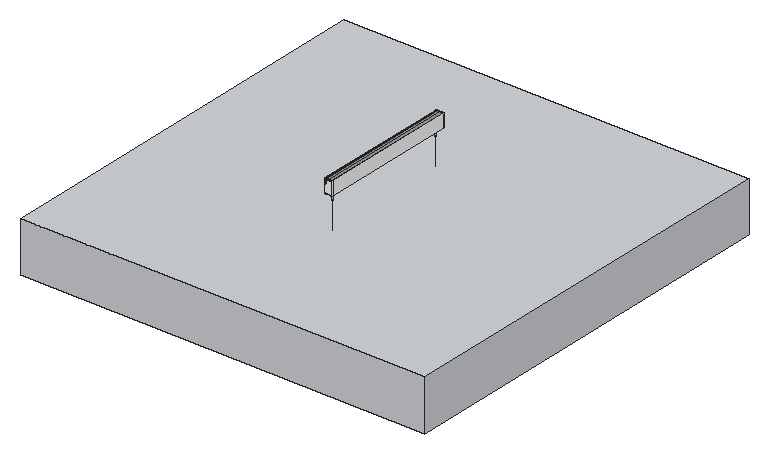
Revit family "LAMP_FIL 45 840MM D-I OPAL COMFORT", category Luminarias, Revit 2018
Family settings
  Anfitrión = Cara
  Cota de conector redondo = Diámetro de uso
  Tipo de pieza = Normal
  Corte con vacíos al cargar = No
  Origen de luz = Sí
  Compartido = No
  Punto de cálculo de habitación = No
Parameters (values of type "2550LM 3000K  BLACK")
  Ángulo de inclinación = -90.00°
  Weight = 2.00 kg
  Wattage = 15.47 W
  UGR = "00"
  Type = "MID POWER TRIDONIC"
  built-in parameter 1150107 = 3000 (stored number, unit not read)
  Suspension distance [instance] = if(Suspension > 4000 mm, 4000 mm, if(Suspension < 1 mm, 1 mm, Suspension))  # 200 mm
  Suspension [instance] = 200 mm
  built-in parameter 1150110 = 1 (stored number, unit not read)
  built-in parameter 1150109 = 1 (stored number, unit not read)
  built-in parameter 1150112 = 1 (stored number, unit not read)
  built-in parameter 1150113 = 1 (stored number, unit not read)
  built-in parameter 1114218 = 1 (stored number, unit not read)
  Protection rating = "IP20 / IK07"
  Product datasheet = "http://www.lamp.es/product-files/TECH/F41SF084MOIP830NB-EN.pdf"
  Product code = "F41SF084MOIP830NB"
  Product URL = "https://www.lamp.es/en/family/fil-45_413951"
  Power Supply = "220-240V 50/60Hz"
  Power = 18 W
  Plum = 22.1 W
  Photobiological risk = ""
  NOT COVER 2 [instance] = not(END COVER 2)  # no
  NOT COVER 1 [instance] = not(END COVER 1)  # no
  built-in parameter 1150137 = (empty or 0)
  built-in parameter 1150132 = 2
  Modelo = Product code  # "F41SF084MOIP830NB"
  Model Explanation = ""
  Material suspension = LAMP_Acero genérico
  Material perfil = LAMP_Aluminio Perfil Fil NG
  Material difusor = LAMP_PC Difusor Opal Fil
  Manufacturer name = "LAMP"
  Manufacturer country = "Spain"
  Manufacturer URL = "http://www.lamp.es/en"
  MacAdam = "3"
  Longitud de línea de emisión = 840 mm
  Last update = "21/04/2021"
  Lamp = "MID-POWER LED"
  LED Lifetime = "70.000 L80 B10"
  built-in parameter 1150105 = 105.5 (stored number, unit not read)
  built-in parameter 1150102 = (empty or 0)
  Insulation class = "I"
  Installation instructions = "https://www.lamp.es/product-files/INS/1004580-C%20INSTR.%20FIL45.pdf"
  Indirect light = LAMP_FIL 45 840MM D-I OPAL COMFORT_I : 3000K
  built-in parameter 1150106 = 1.055 (stored number, unit not read)
  IEE = "A+"
  Gear = "Electronic"
  Lumens = 1325.78 lm
  Finish = "Matte black RAL 9011"
  Color Filter = 16777215
  built-in parameter 1114217 = 1 (stored number, unit not read)
  built-in parameter 1150139 = (empty or 0)
  Fabricante = Manufacturer name  # "LAMP"
  Default Elevation = 1219.2 mm
  built-in parameter 1150104 = 7.9618 (stored number, unit not read)
  Efficacy = 85.72 lm/W
  END COVER 2 [instance] = yes
  END COVER 1 [instance] = yes
  Dimensions = "840x45x80"
  Descripción = "FIL45 SUR 840 2550 WW D/I OP COMF BK."
  built-in parameter 1150115 = 1 (stored number, unit not read)
  built-in parameter 1150114 = 1 (stored number, unit not read)
  built-in parameter 1150138 = (empty or 0)
  built-in parameter 1150134 = 3
  Dimming Lamp Color Temperature Shift = (empty or 0)
  CRI = "80"
  Archivo de red fotométrica = "F41SF084MOIP830NW_D.IES"
  built-in parameter 1150133 = 10 (stored number, unit not read)
Types (12, lengths in mm): name | Weight | built-in parameter 1150107 | Product datasheet | Product code | Modelo | Material perfil | Indirect light | Finish | Efficacy | Descripción | Archivo de red fotométrica
  2550LM 3000K DALI BLACK | 2.132 kg | 3000 (stored number, unit not read) | "http://www.lamp.es/product-files/TECH/F41SF084MOIP830DB-EN.pdf" | "F41SF084MOIP830DB" | "F41SF084MOIP830DB" | LAMP_Aluminio Perfil Fil NG | LAMP_FIL 45 840MM D-I OPAL COMFORT_I : 3000K | "Matte black RAL 9011" | 85.72 lm/W | "FIL45 SUR 840 2550 WW D/I OP COMF DA BK." | "F41SF084MOIP830NW_D.IES"
  2550LM 3000K DALI GREY | 2.132 kg | 3000 (stored number, unit not read) | "http://www.lamp.es/product-files/TECH/F41SF084MOIP830DG-EN.pdf" | "F41SF084MOIP830DG" | "F41SF084MOIP830DG" | LAMP_Aluminio Perfil Fil GR | LAMP_FIL 45 840MM D-I OPAL COMFORT_I : 3000K | "Gloss grey" | 85.72 lm/W | "FIL45 SUR 840 2550 WW D/I OP COMF DA GR." | "F41SF084MOIP830NW_D.IES"
  2550LM 3000K DALI WHITE | 2.132 kg | 3000 (stored number, unit not read) | "http://www.lamp.es/product-files/TECH/F41SF084MOIP830DW-EN.pdf" | "F41SF084MOIP830DW" | "F41SF084MOIP830DW" | LAMP_Aluminio Perfil Fil BL | LAMP_FIL 45 840MM D-I OPAL COMFORT_I : 3000K | "Matte white RAL 9010" | 85.72 lm/W | "FIL45 SUR 840 2550 WW D/I OP COMF DA WH." | "F41SF084MOIP830NW_D.IES"
  2550LM 3000K  BLACK | 2.00 kg | 3000 (stored number, unit not read) | "http://www.lamp.es/product-files/TECH/F41SF084MOIP830NB-EN.pdf" | "F41SF084MOIP830NB" | "F41SF084MOIP830NB" | LAMP_Aluminio Perfil Fil NG | LAMP_FIL 45 840MM D-I OPAL COMFORT_I : 3000K | "Matte black RAL 9011" | 85.72 lm/W | "FIL45 SUR 840 2550 WW D/I OP COMF BK." | "F41SF084MOIP830NW_D.IES"
  2550LM 3000K  GREY | 2.00 kg | 3000 (stored number, unit not read) | "http://www.lamp.es/product-files/TECH/F41SF084MOIP830NG-EN.pdf" | "F41SF084MOIP830NG" | "F41SF084MOIP830NG" | LAMP_Aluminio Perfil Fil GR | LAMP_FIL 45 840MM D-I OPAL COMFORT_I : 3000K | "Gloss grey" | 85.72 lm/W | "FIL45 SUR 840 2550 WW D/I OP COMF GR." | "F41SF084MOIP830NW_D.IES"
  2550LM 3000K  WHITE | 2.00 kg | 3000 (stored number, unit not read) | "http://www.lamp.es/product-files/TECH/F41SF084MOIP830NW-EN.pdf" | "F41SF084MOIP830NW" | "F41SF084MOIP830NW" | LAMP_Aluminio Perfil Fil BL | LAMP_FIL 45 840MM D-I OPAL COMFORT_I : 3000K | "Matte white RAL 9010" | 85.72 lm/W | "FIL45 SUR 840 2550 WW D/I OP COMF WH." | "F41SF084MOIP830NW_D.IES"
  2550LM 4000K DALI BLACK | 2.132 kg | 4000 (stored number, unit not read) | "http://www.lamp.es/product-files/TECH/F41SF084MOIP840DB-EN.pdf" | "F41SF084MOIP840DB" | "F41SF084MOIP840DB" | LAMP_Aluminio Perfil Fil NG | LAMP_FIL 45 840MM D-I OPAL COMFORT_I : 4000K | "Matte black RAL 9011" | 97.3 lm/W | "FIL45 SUR 840 2550 NW D/I OP COMF DA BK." | "F41SF084MOIP840NW_D.IES"
  2550LM 4000K DALI GREY | 2.132 kg | 4000 (stored number, unit not read) | "http://www.lamp.es/product-files/TECH/F41SF084MOIP840DG-EN.pdf" | "F41SF084MOIP840DG" | "F41SF084MOIP840DG" | LAMP_Aluminio Perfil Fil GR | LAMP_FIL 45 840MM D-I OPAL COMFORT_I : 4000K | "Gloss grey" | 97.3 lm/W | "FIL45 SUR 840 2550 NW D/I OP COMF DA GR." | "F41SF084MOIP840NW_D.IES"
  2550LM 4000K DALI WHITE | 2.132 kg | 4000 (stored number, unit not read) | "http://www.lamp.es/product-files/TECH/F41SF084MOIP840DW-EN.pdf" | "F41SF084MOIP840DW" | "F41SF084MOIP840DW" | LAMP_Aluminio Perfil Fil BL | LAMP_FIL 45 840MM D-I OPAL COMFORT_I : 4000K | "Matte white RAL 9010" | 97.3 lm/W | "FIL45 SUR 840 2550 NW D/I OP COMF DA WH." | "F41SF084MOIP840NW_D.IES"
  2550LM 4000K  BLACK | 2.00 kg | 4000 (stored number, unit not read) | "http://www.lamp.es/product-files/TECH/F41SF084MOIP840NB-EN.pdf" | "F41SF084MOIP840NB" | "F41SF084MOIP840NB" | LAMP_Aluminio Perfil Fil NG | LAMP_FIL 45 840MM D-I OPAL COMFORT_I : 4000K | "Matte black RAL 9011" | 97.3 lm/W | "FIL45 SUR 840 2550 NW D/I OP COMF BK." | "F41SF084MOIP830NW_D.IES"
  2550LM 4000K  GREY | 2.00 kg | 4000 (stored number, unit not read) | "http://www.lamp.es/product-files/TECH/F41SF084MOIP840NG-EN.pdf" | "F41SF084MOIP840NG" | "F41SF084MOIP840NG" | LAMP_Aluminio Perfil Fil GR | LAMP_FIL 45 840MM D-I OPAL COMFORT_I : 4000K | "Gloss grey" | 97.3 lm/W | "FIL45 SUR 840 2550 NW D/I OP COMF GR." | "F41SF084MOIP840NW_D.IES"
  2550LM 4000K  WHITE | 2.00 kg | 4000 (stored number, unit not read) | "http://www.lamp.es/product-files/TECH/F41SF084MOIP840NW-EN.pdf" | "F41SF084MOIP840NW" | "F41SF084MOIP840NW" | LAMP_Aluminio Perfil Fil BL | LAMP_FIL 45 840MM D-I OPAL COMFORT_I : 4000K | "Matte white RAL 9010" | 97.3 lm/W | "FIL45 SUR 840 2550 NW D/I OP COMF WH." | "F41SF084MOIP840NW_D.IES"
Reference planes
  plane 1 "Centro (Frontal/Posterior)": y = 0
  plane 2: z = 0
  plane 3 "Centro (Izquierda/Derecha)": x = 0
Forms (mm)
  Extrusion 1, solid
    sketch origin (0, 0, 0) x (1, 0, 0) y (0, 1, 0)
      loop
        line (-1219.2, 1219.2) -> (-1219.2, -1219.2) -> (1219.2, -1219.2) -> (1219.2, 1219.2) -> (-1219.2, 1219.2)
    from 0 to -304.8
  Extrusion 2, solid, material "LAMP_Aluminio Perfil Fil NG" <- "Material perfil"
    sketch origin (0, 0, 0) x (1, 0, 0) y (0, 0, 1)
      loop
        arc (22.5, 285.7) -> (21.5, 286.7) -> (20.5, 285.7) r 1
        line (20.5, 285.7) -> (20.5, 284.2) -> (17.8, 284.2) -> (17.8, 259) -> (0, 259) -> (-17.8, 259) -> (-17.8, 284.2) -> (-20.5, 284.2) -> (-20.5, 285.7)
        arc (-20.5, 285.7) -> (-21.5, 286.7) -> (-22.5, 285.7) r 1
        line (-22.5, 285.7) -> (-22.5, 206.5) -> (-20.7, 206.5) -> (-20.7, 210) -> (-12.5, 210) -> (-12.5, 208) -> (-14.8, 208) -> (-14.5, 206.5) -> (-11, 206.5) -> (-11, 214.5) -> (0, 214.5) -> (11, 214.5) -> (11, 206.5) -> (14.5, 206.5) -> (14.8, 208) -> (12.5, 208) -> (12.5, 210) -> (20.7, 210) -> (20.7, 206.5) -> (22.5, 206.5) -> (22.5, 285.7)
    from -420 to 420
  Extrusion 3, solid, material "LAMP_Acero genérico" <- "Material suspension"
    sketch origin (0, 0, 0) x (1, 0, 0) y (0, 0, 1)
      loop
        line (-12.5, 201) -> (-15.291, 208.272) -> (-12.823, 210) -> (-13.823, 210) -> (-16.291, 208.272) -> (-13.116, 200) -> (0, 200) -> (13.116, 200) -> (16.291, 208.272) -> (13.823, 210) -> (12.823, 210) -> (15.291, 208.272) -> (12.5, 201) -> (0, 201) -> (-12.5, 201)
    from -400 to -378
  Extrusion 4, solid, material "LAMP_Acero genérico" <- "Material suspension"
    sketch origin (0, -24, 0) x (1, 0, 0) y (0, 1, 0)
      loop
        circle (0, -365) r 5
    from 163.2 to 200
  Extrusion 5, solid, material "LAMP_Acero genérico" <- "Material suspension"
    sketch origin (0, 24, 0) x (1, 0, 0) y (0, 1, 0)
      loop
        circle (0, 365) r 5
    from 163.2 to 200
  Extrusion 6, solid, material "LAMP_Acero genérico" <- "Material suspension"
    sketch origin (0, 0, 0) x (1, 0, 0) y (0, 1, 0)
      loop
        circle (0, -389) r 1
    from 0 to 163.2
  Extrusion 7, solid, material "LAMP_Acero genérico" <- "Material suspension"
    sketch origin (0, 0, 0) x (1, 0, 0) y (0, 1, 0)
      loop
        circle (0, 389) r 1
    from 0 to 163.2
  Extrusion 8, solid, material "LAMP_PC Difusor Opal Fil" <- "Material difusor"
    sketch origin (0, 0, 0) x (1, 0, 0) y (0, 0, 1)
      loop
        line (-20.5, 284.2) -> (0, 284.2) -> (20.5, 284.2) -> (20.5, 286.7) -> (0, 286.7) -> (-20.5, 286.7) -> (-20.5, 284.2)
    from 420 to -420
  Extrusion 9, solid, material "LAMP_Acero genérico" <- "Material suspension"
    sketch origin (0, 0, 0) x (1, 0, 0) y (0, 0, -1)
      loop
        line (-12.5, -201) -> (0, -201) -> (12.5, -201) -> (15.291, -208.272) -> (12.823, -210) -> (13.823, -210) -> (16.291, -208.272) -> (13.116, -200) -> (0, -200) -> (-13.116, -200) -> (-16.291, -208.272) -> (-13.823, -210) -> (-12.823, -210) -> (-15.291, -208.272) -> (-12.5, -201)
    from -400 to -378
  Extrusion 10, solid, material "LAMP_PC Difusor Opal Fil" <- "Material difusor"
    sketch origin (0, 0, 0) x (1, 0, 0) y (0, 0, 1)
      loop
        line (-11, 214.5) -> (-11, 206.5) -> (-7.529, 206.5) -> (11, 206.5) -> (11, 214.5) -> (10, 214.5) -> (10, 207.5) -> (-10, 207.5) -> (-10, 214.5) -> (-11, 214.5)
    from 420 to -420
Lines and regions (mm)
  reference lines
    curve 1: line (0, -445.47, 200) -> (0, 544.53, 200)
Text (mm)
  text "Any modification of the parameters and properties of the LAMP BIM models must be executed and validated by the LAMP technical department.\nPhone: +34 93 736 68 00\nE-mail: lamp@lamp.es\n\nLAMP reserves the right to modify the technical specifications of its products." at (3279.264, 5298.162, -2684.539), in view "Preview"
Dimensions and locks
  "Suspension distance": level to curve 1
  locked: Extrusion 4 to Extrusion 4 at 36.8
  locked: Extrusion 5 to Extrusion 5 at 36.8
  aligned and locked: plane 2 to Extrusion 1
  aligned and locked: level to Extrusion 1
  aligned and locked: Extrusion 8 to Extrusion 2  (x2)
  aligned and locked: curve 1 to Extrusion 9
  aligned and locked: curve 1 to Extrusion 3
  aligned and locked: Extrusion 4 to curve 1
  aligned and locked: Extrusion 5 to curve 1
  aligned and locked: Extrusion 6 to Extrusion 4
  aligned and locked: Extrusion 7 to Extrusion 5
  aligned and locked: Extrusion 2 to Extrusion 9  (x2)
  aligned and locked: imposter light to Extrusion 8
  aligned and locked: Extrusion 10 to Extrusion 2
  aligned and locked: nested 1 to Extrusion 2  (x2)
  aligned and locked: nested 2 to Extrusion 2
Automatic sketch dimensions
  Extrusion 1 sketch curve to Extrusion 1 sketch curve = 2438.4 mm  (x2)
  Extrusion 3 sketch curve to plane 3 "Centro (Izquierda/Derecha)" = 0 mm  (x2)
  Extrusion 3 sketch curve to Extrusion 3 sketch curve = 12.5 mm
  Extrusion 3 sketch curve to Extrusion 3 sketch curve = 0.323 mm  (x2)
  Extrusion 3 sketch curve to Extrusion 3 sketch curve = 0.616 mm  (x2)
  Extrusion 3 sketch curve to Extrusion 3 sketch curve = 1 mm  (x5)
  Extrusion 3 sketch curve to Extrusion 3 sketch curve = 1.468 mm  (x2)
  plane 3 "Centro (Izquierda/Derecha)" to Extrusion 3 sketch curve = 12.5 mm
  level to Extrusion 3 sketch curve = 200 mm
  Extrusion 3 sketch curve to Extrusion 3 sketch curve = 7.272 mm  (x2)
  Extrusion 3 sketch curve to Extrusion 3 sketch curve = 0 mm  (x2)
  Extrusion 3 sketch curve to Extrusion 3 sketch curve = 1.728 mm  (x2)
  Extrusion 4 sketch curve to plane 3 "Centro (Izquierda/Derecha)" = 0 mm
  plane 1 "Centro (Frontal/Posterior)" to Extrusion 4 sketch curve = 389 mm
  Extrusion 5 sketch curve to plane 3 "Centro (Izquierda/Derecha)" = 0 mm
  plane 1 "Centro (Frontal/Posterior)" to Extrusion 5 sketch curve = 389 mm
  Extrusion 6 sketch curve to plane 3 "Centro (Izquierda/Derecha)" = 0 mm
  plane 1 "Centro (Frontal/Posterior)" to Extrusion 6 sketch curve = 389 mm
  Extrusion 7 sketch curve to plane 3 "Centro (Izquierda/Derecha)" = 0 mm
  plane 1 "Centro (Frontal/Posterior)" to Extrusion 7 sketch curve = 389 mm
  Extrusion 2 sketch curve to plane 3 "Centro (Izquierda/Derecha)" = 0 mm  (x2)
  Extrusion 2 sketch curve to plane 3 "Centro (Izquierda/Derecha)" = 11 mm
  Extrusion 2 sketch curve to Extrusion 2 sketch curve = 1.5 mm  (x6)
  Extrusion 2 sketch curve to Extrusion 2 sketch curve = 2 mm  (x2)
  Extrusion 2 sketch curve to Extrusion 2 sketch curve = 0.3 mm  (x2)
  Extrusion 2 sketch curve to Extrusion 2 sketch curve = 17.8 mm
  Extrusion 2 sketch curve to Extrusion 2 sketch curve = 2.7 mm  (x2)
  Extrusion 2 sketch curve to Extrusion 2 sketch curve = 5.9 mm  (x2)
  Extrusion 2 sketch curve to Extrusion 2 sketch curve = 1 mm  (x2)
  plane 3 "Centro (Izquierda/Derecha)" to Extrusion 2 sketch curve = 11 mm
  plane 3 "Centro (Izquierda/Derecha)" to Extrusion 2 sketch curve = 17.8 mm
  level to Extrusion 2 sketch curve = 206.5 mm
  Extrusion 2 sketch curve to Extrusion 2 sketch curve = 0 mm  (x3)
  Extrusion 2 sketch curve to Extrusion 2 sketch curve = 3.5 mm  (x2)
  Extrusion 2 sketch curve to Extrusion 2 sketch curve = 4.5 mm
  Extrusion 2 sketch curve to Extrusion 2 sketch curve = 44.5 mm
  Extrusion 2 sketch curve to Extrusion 2 sketch curve = 25.2 mm  (x2)
  Extrusion 8 sketch curve to plane 3 "Centro (Izquierda/Derecha)" = 0 mm  (x2)
  Extrusion 8 sketch curve to Extrusion 8 sketch curve = 20.5 mm
  plane 3 "Centro (Izquierda/Derecha)" to Extrusion 8 sketch curve = 20.5 mm
  level to Extrusion 8 sketch curve = 284.2 mm
  Extrusion 8 sketch curve to Extrusion 8 sketch curve = 2.5 mm
  Extrusion 9 sketch curve to plane 3 "Centro (Izquierda/Derecha)" = 0 mm  (x2)
  Extrusion 9 sketch curve to Extrusion 9 sketch curve = 12.5 mm
  Extrusion 9 sketch curve to Extrusion 9 sketch curve = 0.323 mm  (x2)
  Extrusion 9 sketch curve to Extrusion 9 sketch curve = 0.616 mm  (x2)
  Extrusion 9 sketch curve to Extrusion 9 sketch curve = 1 mm  (x5)
  Extrusion 9 sketch curve to Extrusion 9 sketch curve = 1.468 mm  (x2)
  plane 3 "Centro (Izquierda/Derecha)" to Extrusion 9 sketch curve = 12.5 mm
  level to Extrusion 9 sketch curve = 210 mm
  Extrusion 9 sketch curve to Extrusion 9 sketch curve = 0 mm  (x3)
  Extrusion 9 sketch curve to Extrusion 9 sketch curve = 1.728 mm  (x2)
  Extrusion 9 sketch curve to Extrusion 9 sketch curve = 7.272 mm
  Extrusion 10 sketch curve to plane 3 "Centro (Izquierda/Derecha)" = 11 mm
  Extrusion 10 sketch curve to Extrusion 10 sketch curve = 1 mm  (x3)
  Extrusion 10 sketch curve to Extrusion 10 sketch curve = 2.471 mm
  plane 3 "Centro (Izquierda/Derecha)" to Extrusion 10 sketch curve = 10 mm
  level to Extrusion 10 sketch curve = 206.5 mm
  Extrusion 10 sketch curve to Extrusion 10 sketch curve = 7 mm  (x2)
  plane 1 "Centro (Frontal/Posterior)" to curve 1 = 445.47 mm
  curve 1 to plane 1 "Centro (Frontal/Posterior)" = 544.53 mm
  radius of Extrusion 4 sketch curve = 5 mm
  radius of Extrusion 5 sketch curve = 5 mm
  radius of Extrusion 6 sketch curve = 1 mm
  radius of Extrusion 7 sketch curve = 1 mm
Nested families
  nested 1: "LAMP_FIL 45 END COVER SURFACE" at (0, -421, 206.5), visible <- "END COVER 1", type "LAMP_FIL 45 END COVER SURFACE"
  nested 2: "LAMP_FIL 45 END COVER SURFACE" at (0, 421, 206.5), visible <- "END COVER 2", type "LAMP_FIL 45 END COVER SURFACE"
  nested 3: "LAMP_FIL 45 840MM D-I OPAL COMFORT_I" at (0, 2.719, -1293.5), type "3000K"
Connectors
  electrical at (0, 389, 200)
    settings: on Extrusion 5, index 1, voltage 230 V, apparent load 0 VA, apparent load phase1 0 VA, apparent load phase2 0 VA, apparent load phase3 0 VA, power factor 1, load classification "Otro", number of poles 1, system type 31, power factor state 1, is connector primary yes, connector utility no, sub classification motor no, connector description ""
Definition of nested family "LAMP_FIL 45 END COVER SURFACE"
  Parameters (values of type "Blanco")
    Material tapa = none
  Reference planes
    plane 1 "Centro (Frontal/Posterior)": y = 0
    plane 2: z = 0
    plane 3 "Centro (Izquierda/Derecha)": x = 0
  Forms (mm)
    Extrusion 1, solid, material <- "Material tapa"
      sketch origin (0, 0, 0) x (0, -1, 0) y (0, 0, 1)
        loop
          line (0, 0) -> (1, 0) -> (1, 80) -> (-1, 80) -> (-1, 0) -> (0, 0)
      from -22.5 to 22.5
  Dimensions and locks
    aligned and locked: level to plane 2
Definition of nested family "LAMP_FIL 45 840MM D-I OPAL COMFORT_I"
  Parameters (values of type "3000K")
    Tilt Angle = -90.00°
    Wattage = 6.63 W
    built-in parameter 1150110 = 1 (stored number, unit not read)
    built-in parameter 1114217 = 1 (stored number, unit not read)
    built-in parameter 1150109 = 1 (stored number, unit not read)
    built-in parameter 1150134 = (empty or 0)
    built-in parameter 1150113 = 1 (stored number, unit not read)
    Lumens = 568.191 lm
    built-in parameter 1150115 = 1 (stored number, unit not read)
    built-in parameter 1150105 = 45.215 (stored number, unit not read)
    built-in parameter 1150137 = (empty or 0)
    built-in parameter 1150139 = (empty or 0)
    built-in parameter 1150112 = 1 (stored number, unit not read)
    built-in parameter 1150114 = 1 (stored number, unit not read)
    built-in parameter 1150132 = 2
    built-in parameter 1150102 = (empty or 0)
    built-in parameter 1150138 = (empty or 0)
    built-in parameter 1150107 = 3000 (stored number, unit not read)
    built-in parameter 1150106 = 0.45215 (stored number, unit not read)
    built-in parameter 1150104 = 7.9618 (stored number, unit not read)
    Dimming Lamp Color Temperature Shift = (empty or 0)
    Color Filter = 16777215
    built-in parameter 1114218 = 1 (stored number, unit not read)
    Photometric Web File = "F41SF084MOIP830NW_I.IES"
    built-in parameter 1150133 = 10 (stored number, unit not read)
  Types (3, lengths in mm): name | built-in parameter 1150134 | built-in parameter 1150107 | Photometric Web File
    (no name) | (empty or 0) | 3000 (stored number, unit not read) | "F41SF084MOIP830NW_I.IES"
    3000K | (empty or 0) | 3000 (stored number, unit not read) | "F41SF084MOIP830NW_I.IES"
    4000K | 12 | 4000 (stored number, unit not read) | "F41SF084MOIP840NW_I.IES"
  Reference planes
    plane 1 "Eje de origen de luz (F/P)": y = 0
    plane 2: z = 0
    plane 3 "Eje de origen de luz (I/D)": x = 0
    plane 4 "Elevación de origen de luz": z = 1500
  Dimensions and locks
    aligned and locked: plane 3 "Eje de origen de luz (I/D)" to imposter light
    aligned and locked: plane 1 "Eje de origen de luz (F/P)" to imposter light
    aligned and locked: plane 4 "Elevación de origen de luz" to imposter light
    aligned and locked: level to plane 2
